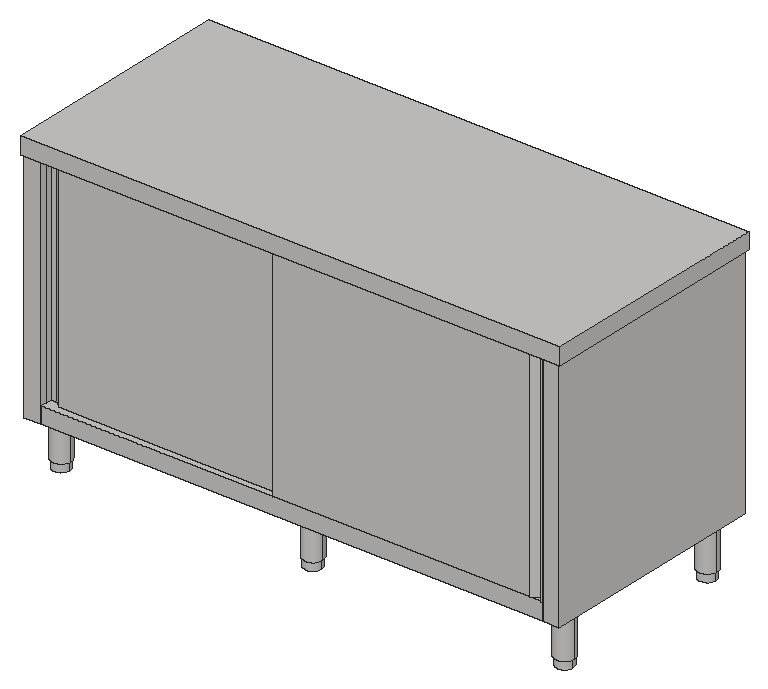
Revit family "QF_ZANUSSI_132784_MTND1600PN", category Attrezzature speciali, Revit 2020
Family settings
  Quota connettore circolare = Usa diametro
  Tipo di parte = Normale
  Basato su piano di lavoro = No
  Sempre verticale = Sì
  Taglio con vuoti quando caricato = No
  Condiviso = No
  Punto di calcolo locali = No
Parameters (values of type "Standard")
  Weight = 65.00 kg
  Watts = 0 W
  Volts = 0 V
  URL Manufacturer = "http://www.zanussiprofessional.com"
  URL = "http://www.zanussiprofessional.com"
  Steam Supply Size = 0 mm
  Steam Supply Minimum Pressure = 0.0 Pa
  Steam Supply Maximum Pressure = 0.0 Pa
  Steam Consumption per Hour = 0
  Refrigeration Suction Line Size = 0.0 mm
  Refrigeration Liquid Line Size = 0.0 mm
  Refrigerant Compressor Remote = yes
  Prospetto di default = 0.0 mm
  Produttore = "Zanussi"
  Phase = 0
  Modello = "MTND1600PN"
  Length Actual = 1600.0 mm  # constant formula
  Item Number = "132784"
  Hot Water Size = 0 mm
  Height Actual = 900.0 mm  # constant formula
  HP = "0 HP"
  Gas Size = 0 mm
  Gas KW = 0
  Gas Input Pressure = 0 W
  Direct Waste Size = 0 mm
  Descrizione = "WORKTOP CUPB.PASSTH+SHELF+SLIDING D.1600"
  Depth Actual = 700.0 mm  # constant formula
  Cycle = 0 Hz
  Condensate Return Size = 0 mm
  Compressed Air Volume = 0.0 L/s
  Compressed Air Size = 0 mm
  Compressed Air Pressure = 0.0 Pa
  Cold Water Size = 0 mm
  Accessory = yes
Reference planes
  plane 1 "Center (Front/Back)": y = 0
  plane 2: z = 0
  plane 3 "Center (Left/Right)": x = -300
  plane 4 "LEFT": x = -1100
  plane 5 "RIGHT": x = 500
  plane 6 "BACK": y = 350
  plane 7 "FRONT": y = -350
  plane 8 "Base": z = 850
  plane 9 "TOP": z = 900
  plane 10: x = -1046.9
  plane 11: x = 446.9
  plane 12: y = 264.5
  plane 13: y = -264.5
  plane 14 "BodyLeft": x = -1094.5
  plane 15 "BodyFront": y = -344.5
  plane 16 "BodyRight": x = 494.5
  plane 17 "BodyBack": y = 344.5
  plane 18 "FEET": z = 150
  plane 19: x = -245.5
  plane 20: x = -354.5
Forms (mm)
  Extrusion 1, solid, material "QF_Finishes_Stainless Steel"
    sketch origin (-300, 0, 0) x (0, 1, 0) y (0, 0, 1)
      loop
        line (-350, 850) -> (350, 850) -> (350, 900) -> (-350, 900) -> (-350, 850)
    from 800 to -800
  Extrusion 2, solid, material "QF_Finishes_Stainless Steel"
    sketch origin (0, 0, 150) x (-1, 0, 0) y (0, -1, 0)
      loop
        line (1094.5, -344.5) -> (1094.5, 344.5) -> (1044.5, 344.5) -> (1044.5, -344.5) -> (1094.5, -344.5)
      loop
        line (-444.5, -344.5) -> (-444.5, 344.5) -> (-494.5, 344.5) -> (-494.5, -344.5) -> (-444.5, -344.5)
    from 0 to 700
  Extrusion 3, solid, material "QF_Finishes_Stainless Steel"
    sketch origin (0, 0, 150) x (-1, 0, 0) y (0, -1, 0)
      loop
        line (1044.5, -344.5) -> (1044.5, 344.5) -> (-444.5, 344.5) -> (-444.5, -344.5) -> (1044.5, -344.5)
    from 0 to 50
  Extrusion 4, solid, material "QF_Finishes_Stainless Steel"
    sketch origin (0, 0, 150) x (-1, 0, 0) y (0, -1, 0)
      loop
        line (-445.9, 344.5) -> (-445.9, 324.5) -> (354.5, 324.5) -> (354.5, 344.5) -> (-405.9, 344.5) -> (-425.9, 329.5) -> (-440.9, 329.5) -> (-440.9, 344.5) -> (-445.9, 344.5)
    from 50 to 700
  Extrusion 5, solid, material "QF_Finishes_Stainless Steel"
    sketch origin (0, 20, 150) x (1, 0, 0) y (0, 1, 0)
      loop
        line (-1045.9, -344.5) -> (-1040.9, -344.5) -> (-1040.9, -329.5) -> (-1025.9, -329.5) -> (-1005.9, -344.5) -> (-245.5, -344.5) -> (-245.5, -324.5) -> (-1045.9, -324.5) -> (-1045.9, -344.5)
    from 50 to 700
  Extrusion 6, solid, material "QF_Finishes_Stainless Steel"
    sketch origin (0, 0, 150) x (-1, 0, 0) y (0, -1, 0)
      loop
        line (-444.5, -344.5) -> (-439.5, -344.5) -> (-439.5, -329.5) -> (-424.5, -329.5) -> (-404.5, -344.5) -> (354.5, -344.5) -> (354.5, -324.5) -> (-444.5, -324.5) -> (-444.5, -344.5)
    from 50 to 700
  Extrusion 7, solid, material "QF_Finishes_Stainless Steel"
    sketch origin (0, -20, 150) x (1, 0, 0) y (0, 1, 0)
      loop
        line (-1044.5, 344.5) -> (-1044.5, 324.5) -> (-245.5, 324.5) -> (-245.5, 344.5) -> (-1004.5, 344.5) -> (-1024.5, 329.5) -> (-1039.5, 329.5) -> (-1039.5, 344.5) -> (-1044.5, 344.5)
    from 50 to 700
  Extrusion 8, solid, material "QF_Finishes_Stainless Steel"
    sketch origin (0, 0, 0) x (1, 0, 0) y (0, 1, 0)
      loop
        line (-1044.5, -304.5) -> (444.5, -304.5) -> (444.5, 304.5) -> (-1044.5, 304.5) -> (-1044.5, -304.5)
    from 500 to 540
Lines and regions (mm)
  symbolic lines
    curve 1: line (500, 350, 900) -> (-1100, 350, 900)
    curve 2: line (-1100, 350, 900) -> (-1100, -350, 900)
    curve 3: line (-1100, -350, 900) -> (500, -350, 900)
    curve 4: line (500, -350, 900) -> (500, 350, 900)
  symbolic lines, style "SpecialityEquipmentHiddenLines"
    curve 5: line (-1094.5, 344.5, 150) -> (494.5, 344.5, 150)
    curve 6: line (-1094.5, -344.5, 150) -> (-1094.5, 344.5, 150)
    curve 7: line (494.5, -344.5, 150) -> (-1094.5, -344.5, 150)
    curve 8: line (494.5, 344.5, 150) -> (494.5, -344.5, 150)
    curve 9: line (-1045.9, -304.5, 150) -> (-245.5, -304.5, 150)
    curve 10: line (-245.5, -304.5, 150) -> (-245.5, -324.5, 150)
    curve 11: line (-1045.9, -324.5, 150) -> (445.9, -324.5, 150)
    curve 12: line (445.9, -324.5, 150) -> (445.9, -344.5, 150)
    curve 13: line (-354.5, -324.5, 150) -> (-354.5, -344.5, 150)
    curve 14: line (-1045.9, -304.5, 150) -> (-1045.9, -324.5, 150)
Dimensions and locks
  plane 4 "LEFT" to plane 5 "RIGHT" = 1600.0 mm
  equal spacing: plane 4 "LEFT", plane 3 "Center (Left/Right)", plane 5 "RIGHT"
  locked: plane 8 "Base" to level at 850
  plane 9 "TOP" to level = 900.0 mm
  plane 6 "BACK" to plane 7 "FRONT" = 700.0 mm
  equal spacing: plane 6 "BACK", plane 1 "Center (Front/Back)", plane 7 "FRONT"
  locked: plane 4 "LEFT" to plane 14 "BodyLeft" at 5.5
  locked: plane 16 "BodyRight" to plane 5 "RIGHT" at 5.5
  locked: plane 15 "BodyFront" to plane 7 "FRONT" at 5.5
  locked: plane 6 "BACK" to plane 17 "BodyBack" at 5.5
  locked: plane 14 "BodyLeft" to plane 10 at 47.6
  locked: plane 11 to plane 16 "BodyRight" at 47.6
  locked: plane 13 to plane 15 "BodyFront" at 80
  locked: plane 17 "BodyBack" to plane 12 at 80
  plane 10 to plane 11 = 1493.8 mm
  plane 12 to plane 13 = 529.0 mm
  locked: plane 14 "BodyLeft" to Extrusion 2 sketch curve at 50
  locked: Extrusion 2 sketch curve to Extrusion 2 sketch curve at 50
  locked: plane 3 "Center (Left/Right)" to plane 19 at 54.5
  locked: plane 20 to plane 3 "Center (Left/Right)" at 54.5
  locked: plane 18 "FEET" to level at 150
  aligned and locked: level to plane 2
  aligned and locked: plane 10 to nested 1
  aligned and locked: nested 1 to plane 13
  aligned and locked: plane 11 to nested 2
  aligned and locked: nested 2 to plane 13
  aligned and locked: plane 11 to nested 4
  aligned and locked: nested 4 to plane 12
  aligned and locked: plane 10 to nested 3
  aligned and locked: nested 3 to plane 12
  aligned and locked: Extrusion 1 to plane 4 "LEFT"
  aligned and locked: plane 5 "RIGHT" to Extrusion 1
  aligned and locked: curve 2 to plane 4 "LEFT"
  aligned and locked: plane 17 "BodyBack" to Extrusion 2 sketch curve
  aligned and locked: Extrusion 2 sketch curve to plane 15 "BodyFront"
  aligned and locked: Extrusion 2 sketch curve to plane 14 "BodyLeft"
  aligned and locked: plane 16 "BodyRight" to Extrusion 2 sketch curve
  aligned and locked: Extrusion 2 sketch curve to plane 17 "BodyBack"
  aligned and locked: plane 15 "BodyFront" to Extrusion 2 sketch curve
  aligned and locked: Extrusion 3 sketch curve to plane 17 "BodyBack"
  aligned and locked: plane 15 "BodyFront" to Extrusion 3 sketch curve
  aligned and locked: plane 8 "Base" to Extrusion 2
  aligned and locked: plane 8 "Base" to Extrusion 4
  aligned and locked: Extrusion 4 to Extrusion 3
  aligned and locked: Extrusion 5 sketch curve to plane 19
  aligned and locked: Extrusion 4 sketch curve to plane 20
  aligned and locked: Extrusion 1 to plane 8 "Base"
  aligned and locked: plane 9 "TOP" to Extrusion 1
  aligned and locked: curve 5 to plane 17 "BodyBack"
  aligned and locked: plane 14 "BodyLeft" to curve 6
  aligned and locked: plane 15 "BodyFront" to curve 7
  aligned and locked: plane 16 "BodyRight" to curve 8
  aligned and locked: Extrusion 3 to Extrusion 2  (x2)
  aligned and locked: Extrusion 8 sketch curve to Extrusion 7
  aligned and locked: Extrusion 8 sketch curve to Extrusion 2  (x2)
  aligned and locked: Extrusion 8 sketch curve to Extrusion 5
  aligned and locked: plane 3 "Center (Left/Right)" to nested 5
  aligned and locked: plane 3 "Center (Left/Right)" to nested 6
Automatic sketch dimensions
  curve 3 to plane 7 "FRONT" = 0.0 mm
  curve 4 to plane 6 "BACK" = 0.0 mm
  Extrusion 1 sketch curve to plane 7 "FRONT" = 0.0 mm
  Extrusion 1 sketch curve to plane 6 "BACK" = 0.0 mm
  Extrusion 1 sketch curve to plane 8 "Base" = 0.0 mm
  Extrusion 1 sketch curve to plane 9 "TOP" = 0.0 mm
  Extrusion 3 sketch curve to plane 11 = 2.4 mm
  plane 10 to Extrusion 3 sketch curve = 2.4 mm
  Extrusion 4 sketch curve to plane 15 "BodyFront" = 0.0 mm  (x2)
  Extrusion 4 sketch curve to plane 11 = 41.0 mm
  Extrusion 4 sketch curve to plane 11 = 21.0 mm
  Extrusion 4 sketch curve to plane 11 = 6.0 mm
  Extrusion 4 sketch curve to plane 11 = 1.0 mm
  plane 15 "BodyFront" to Extrusion 4 sketch curve = 15.0 mm
  plane 15 "BodyFront" to Extrusion 4 sketch curve = 20.0 mm
  Extrusion 5 sketch curve to plane 15 "BodyFront" = 20.0 mm  (x2)
  Extrusion 5 sketch curve to plane 10 = 41.0 mm
  Extrusion 5 sketch curve to plane 10 = 21.0 mm
  Extrusion 5 sketch curve to plane 10 = 6.0 mm
  Extrusion 5 sketch curve to plane 10 = 1.0 mm
  Extrusion 5 sketch curve to Extrusion 5 sketch curve = 15.0 mm
  Extrusion 5 sketch curve to Extrusion 5 sketch curve = 20.0 mm
  curve 10 to plane 19 = 0.0 mm
  curve 13 to plane 20 = 0.0 mm
  curve 11 to plane 11 = 1.0 mm
  plane 10 to curve 11 = 1.0 mm
  plane 15 "BodyFront" to curve 9 = 40.0 mm
  curve 12 to curve 12 = 20.0 mm
  Extrusion 6 sketch curve to plane 17 "BodyBack" = 0.0 mm  (x2)
  Extrusion 6 sketch curve to plane 20 = 0.0 mm
  plane 11 to Extrusion 6 sketch curve = 42.4 mm
  plane 11 to Extrusion 6 sketch curve = 22.4 mm
  plane 11 to Extrusion 6 sketch curve = 7.4 mm
  plane 11 to Extrusion 6 sketch curve = 2.4 mm
  plane 17 "BodyBack" to Extrusion 6 sketch curve = 15.0 mm
  plane 17 "BodyBack" to Extrusion 6 sketch curve = 20.0 mm
  Extrusion 7 sketch curve to plane 19 = 0.0 mm
  Extrusion 7 sketch curve to plane 17 "BodyBack" = 20.0 mm  (x2)
  plane 10 to Extrusion 7 sketch curve = 42.4 mm
  plane 10 to Extrusion 7 sketch curve = 22.4 mm
  plane 10 to Extrusion 7 sketch curve = 7.4 mm
  plane 10 to Extrusion 7 sketch curve = 2.4 mm
  Extrusion 7 sketch curve to Extrusion 7 sketch curve = 15.0 mm
  Extrusion 7 sketch curve to Extrusion 7 sketch curve = 20.0 mm
  curve 4 to plane 5 "RIGHT" = 0.0 mm
Nested families
  nested 1: "FEET_D58-150" at (-1046.9, -264.5, 0), type "FEET_D58-150"
  nested 2: "FEET_D58-150" at (446.9, -264.5, 0), type "FEET_D58-150"
  nested 3: "FEET_D58-150" at (-1046.9, 264.5, 0), type "FEET_D58-150"
  nested 4: "FEET_D58-150" at (446.9, 264.5, 0), type "FEET_D58-150"
  nested 5: "FEET_D58-150" at (-300, -264.5, 0), type "FEET_D58-150"
  nested 6: "FEET_D58-150" at (-300, 264.5, 0), type "FEET_D58-150"
Definition of nested family "FEET_D58-150"
  Parameters
    Default Elevation = 0.0 mm
    FEET = 150.0 mm
  Reference planes
    plane 1 "Center (Front/Back)": y = 0
    plane 2: z = 0
    plane 3 "Center (Left/Right)": x = 0
    plane 4: z = 150
  Forms (mm)
    Extrusion 1, solid
      sketch origin (0, 0, 0) x (1, 0, 0) y (0, 1, 0)
        loop
          circle (0, 0) r 25
      from 0 to 25
    Extrusion 2, solid
      sketch origin (0, 0, 0) x (1, 0, 0) y (0, 1, 0)
        loop
          circle (0.061, 0) r 29
      from 25 to 150 <- "FEET"
  Lines and regions (mm)
    symbolic lines
      curve 1: line (0, -1.503, 0) -> (0, 1.508, 0)
      curve 2: line (1.561, 0, 0) -> (-1.439, 0, 0)
  Dimensions and locks
    "FEET": plane 4 to plane 2
    aligned and locked: level to plane 2
  Automatic sketch dimensions
    plane 1 "Center (Front/Back)" to Extrusion 1 sketch curve = 0.0 mm
    Extrusion 1 sketch curve to plane 3 "Center (Left/Right)" = 0.0 mm
    plane 1 "Center (Front/Back)" to curve 2 = 0.0 mm
    curve 1 to plane 3 "Center (Left/Right)" = 0.0 mm
    curve 2 to plane 3 "Center (Left/Right)" = 1.439 mm
    plane 3 "Center (Left/Right)" to curve 2 = 1.561 mm
    plane 1 "Center (Front/Back)" to curve 1 = 1.503 mm
    curve 1 to plane 1 "Center (Front/Back)" = 1.508 mm
    plane 1 "Center (Front/Back)" to Extrusion 2 sketch curve = 0.0 mm
    plane 3 "Center (Left/Right)" to Extrusion 2 sketch curve = 0.061 mm
    radius of Extrusion 1 sketch curve = 25.0 mm
    radius of Extrusion 2 sketch curve = 29.0 mm
